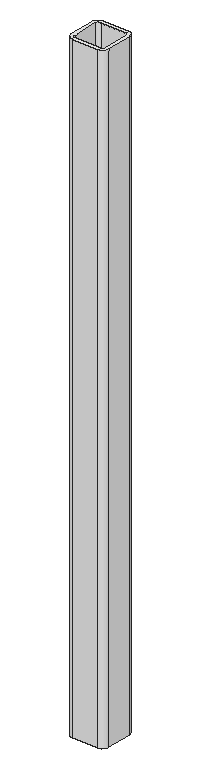
Revit family "M_HSS Quadrado-Coluna", category Pilares estruturais, Revit 2019
Family settings
  Forma do corte = HSS retangular
  Material para o comportamento do modelo = Aço
  Exportar sempre como geometria = Não
  Redução da viga na planta = Da caixa de vinculação
  Family Name Key = M_HSS Square-Column
  Nome do código = AISC 14.1
  Número OmniClass = 23.25.30.11.14.11
  Título OmniClass = Columns
  ID de item do Seek = HSS-Square-Column-0000-CAN-ENU
  Corte com vazios quando carregada = Não
  Representação simbólica = Das configurações de projeto
  Compartilhado = Não
  Exibir o pré-corte da família na vista da planta = Sim
Parameters (values of type "HSS152.4X152.4X12.7")
  Largura = 152.00 mm
  Espessura nominal da parede = 12.70 mm
  Espessura da parede do projeto = 11.80 mm
  Momento de inércia de torção = 33800000.00 mm4
  Módulo de torção = 460000.0 mm³
  Structural Material [instance] = Aço, 45-345
  Section Name Key = ""
  Área de corte = 6280.0 mm²
  Eixo fraco do módulo plástico = 324000.0 mm³
  Eixo forte do módulo plástico = 324000.0 mm³
  Concordância externa = 25.40 mm
  Peso nominal = 52.20 kgf/m
  Eixo fraco do momento de inércia = 20100000.00 mm4
  Eixo forte do momento de inércia = 20100000.00 mm4
  Concordância interna = 12.70 mm
  Altura = 152.00 mm
  Eixo fraco do módulo de elasticidade = 264000.0 mm³
  Eixo forte do módulo de elasticidade = 264000.0 mm³
  Centróide vertical = Altura / 2  # 76.00 mm
  Centróide horizontal = Largura / 2  # 76.00 mm
  Assembly Code = ""
Types (2, lengths in mm): name | Largura | Espessura nominal da parede | Espessura da parede do projeto | Momento de inércia de torção | Módulo de torção | Área de corte | Eixo fraco do módulo plástico | Eixo forte do módulo plástico | Concordância externa | Peso nominal | Eixo fraco do momento de inércia | Eixo forte do momento de inércia | Concordância interna | Altura | Eixo fraco do módulo de elasticidade | Eixo forte do módulo de elasticidade | Centróide vertical | Centróide horizontal
  HSS152.4X152.4X12.7 | 152.00 | 12.70 | 11.80 | 33800000.00 mm4 | 460000.0 mm³ | 6280.0 mm² | 324000.0 mm³ | 324000.0 mm³ | 25.40 | 52.20 kgf/m | 20100000.00 mm4 | 20100000.00 mm4 | 12.70 | 152.00 | 264000.0 mm³ | 264000.0 mm³ | 76.00 | 76.00
  HSS203.2X203.2X9.5 | 203.00 | 9.53 | 8.86 | 66600000.00 mm4 | 667000.0 mm³ | 6710.0 mm² | 482000.0 mm³ | 482000.0 mm³ | 19.06 | 56.00 kgf/m | 41600000.00 mm4 | 41600000.00 mm4 | 9.53 | 203.00 | 408000.0 mm³ | 408000.0 mm³ | 101.50 | 101.50
Reference planes
  plane 1 "Centro (Frente/Trás)": y = 0
  plane 2: z = 0
  plane 3 "Centro (Esquerda/Direita)": x = 0
  plane 4: x = -76
  plane 5: x = 76
  plane 6: y = 76
  plane 7: y = -76
  plane 8: y = 63.3
  plane 9: y = -63.3
  plane 10: x = -63.3
  plane 11: x = 63.3
Forms (mm)
  Extrusion 1, solid, material "Aço, 45-345" <- "Structural Material", detail levels medium
    sketch origin (0, 0, 0) x (1, 0, 0) y (0, 1, 0)
      loop
        line (-76, 76) -> (-76, -76) -> (76, -76) -> (76, 76) -> (-76, 76)
      loop
        line (-63.3, 63.3) -> (-63.3, -63.3) -> (63.3, -63.3) -> (63.3, 63.3) -> (-63.3, 63.3)
    from 0 to 2500
  Extrusion 2, solid, material "Aço, 45-345" <- "Structural Material", detail levels fine
    sketch origin (0, 0, 0) x (1, 0, 0) y (0, 1, 0)
      loop
        arc (-50.6, 76) -> (-68.561, 68.561) -> (-76, 50.6) r 25.4
        line (-76, 50.6) -> (-76, -50.6)
        arc (-76, -50.6) -> (-68.561, -68.561) -> (-50.6, -76) r 25.4
        line (-50.6, -76) -> (50.6, -76)
        arc (50.6, -76) -> (68.561, -68.561) -> (76, -50.6) r 25.4
        line (76, -50.6) -> (76, 50.6)
        arc (76, 50.6) -> (68.561, 68.561) -> (50.6, 76) r 25.4
        line (50.6, 76) -> (-50.6, 76)
      loop
        arc (-50.6, 63.3) -> (-59.58, 59.58) -> (-63.3, 50.6) r 12.7
        line (-63.3, 50.6) -> (-63.3, -50.6)
        arc (-63.3, -50.6) -> (-59.58, -59.58) -> (-50.6, -63.3) r 12.7
        line (-50.6, -63.3) -> (50.6, -63.3)
        arc (50.6, -63.3) -> (59.58, -59.58) -> (63.3, -50.6) r 12.7
        line (63.3, -50.6) -> (63.3, 50.6)
        arc (63.3, 50.6) -> (59.58, 59.58) -> (50.6, 63.3) r 12.7
        line (50.6, 63.3) -> (-50.6, 63.3)
    from 0 to 2500
Lines and regions (mm)
  symbolic lines, style "StructuralColumnStickSymbols", detail levels coarse
    curve 1: line (-76, 76, 0) -> (76, 76, 0)
    curve 2: line (-76, -76, 0) -> (76, -76, 0)
    curve 5: line (-76, 76, 0) -> (-76, -76, 0)
    curve 6: line (76, 76, 0) -> (76, -76, 0)
  symbolic lines, style "Faces ocultas", detail levels medium+fine
    curve 3: line (-63.3, 0, 0) -> (-63.3, 0, 2500)
    curve 4: line (63.3, 0, 2500) -> (63.3, 0, 0)
    curve 7: line (0, 63.3, 0) -> (0, 63.3, 2500)
    curve 8: line (0, -63.3, 0) -> (0, -63.3, 2500)
Dimensions and locks
  equal spacing: plane 4, plane 3 "Centro (Esquerda/Direita)", plane 5
  equal spacing: plane 7, plane 1 "Centro (Frente/Trás)", plane 6
  "Altura": plane 7 to plane 6
  "Largura": plane 4 to plane 5
  "Espessura nominal da parede": plane 6 to plane 8
  "Espessura nominal da parede": plane 4 to plane 10
  "Espessura nominal da parede": plane 11 to plane 5
  "Espessura nominal da parede": plane 9 to plane 7
  "Concordância externa": radius of Extrusion 2 sketch curve  (x4)
  "Concordância interna": radius of Extrusion 2 sketch curve  (x4)
  aligned and locked: plane 6 to Extrusion 1 sketch curve
  aligned and locked: Extrusion 1 sketch curve to plane 7
  aligned and locked: Extrusion 1 sketch curve to plane 4
  aligned and locked: plane 5 to Extrusion 1 sketch curve
  aligned and locked: level to Extrusion 1
  aligned and locked: level to plane 2
  aligned and locked: Extrusion 1 to plane 2
  aligned and locked: Extrusion 2 sketch curve to Extrusion 1
  aligned and locked: level to Extrusion 2
  aligned and locked: plane 10 to Extrusion 2 sketch curve
  aligned and locked: Extrusion 2 sketch curve to plane 4
  aligned and locked: Extrusion 2 sketch curve to plane 8
  aligned and locked: Extrusion 2 sketch curve to plane 11
  aligned and locked: plane 9 to Extrusion 2 sketch curve
  aligned and locked: Extrusion 2 sketch curve to plane 7
  aligned and locked: plane 9 to Extrusion 1 sketch curve
  aligned and locked: Extrusion 1 sketch curve to plane 11
  aligned and locked: Extrusion 1 sketch curve to plane 8
  aligned and locked: plane 10 to Extrusion 1 sketch curve
  aligned and locked: plane 5 to curve 6
  aligned and locked: plane 7 to curve 2
  aligned and locked: plane 4 to curve 5
  aligned and locked: plane 6 to curve 1
  aligned and locked: plane 6 to Extrusion 2 sketch curve
  aligned and locked: curve 7 to plane 8
  aligned and locked: curve 8 to plane 9
  aligned and locked: plane 10 to curve 3
  aligned and locked: curve 4 to plane 11
  aligned and locked: Extrusion 2 to plane 2
Automatic sketch dimensions
  curve 3 to level = 0.00 mm  (x2)
  curve 4 to level = 0.00 mm  (x2)
  curve 8 to level = 0.00 mm  (x2)
  curve 7 to level = 0.00 mm  (x2)
Types in the file's own list only (89): name | Largura | Espessura nominal da parede | Espessura da parede do projeto | Momento de inércia de torção | Módulo de torção | Chave do nome do corte | Área de corte | Eixo fraco do módulo plástico | Eixo forte do módulo plástico | Concordância externa | Peso nominal | Eixo fraco do momento de inércia | Eixo forte do momento de inércia | Concordância interna | Altura | Eixo fraco do módulo de elasticidade | Eixo forte do módulo de elasticidade | Centróide vertical | Centróide horizontal
  HSS406.4X406.4X15.9 | 406.00 mm | 15.90 mm | 14.80 mm | 903000000.00 mm4 | 74069529280.0 mm³ | HSS 16X16X5/8 | 22600.0 mm² | 3280000.0 mm³ | 3280000.0 mm³ | 31.80 mm | 189.00 kgf/m | 570000000.00 mm4 | 570000000.00 mm4 | 15.90 mm | 406.00 mm | 2800000.0 mm³ | 2800000.0 mm³ | 203.00 mm | 203.00 mm
  HSS406.4X406.4X12.7 | 406.00 mm | 12.70 mm | 11.80 mm | 737000000.00 mm4 | 60140524880.0 mm³ | HSS 16X16X1/2 | 18300.0 mm² | 2690000.0 mm³ | 2690000.0 mm³ | 25.40 mm | 153.00 kgf/m | 470000000.00 mm4 | 470000000.00 mm4 | 12.70 mm | 406.00 mm | 2310000.0 mm³ | 2310000.0 mm³ | 203.00 mm | 203.00 mm
  HSS406.4X406.4X9.5 | 406.00 mm | 9.53 mm | 8.86 mm | 562000000.00 mm4 | 45883779200.0 mm³ | HSS 16X16X3/8 | 13900.0 mm² | 2060000.0 mm³ | 2060000.0 mm³ | 19.06 mm | 117.00 kgf/m | 363000000.00 mm4 | 363000000.00 mm4 | 9.53 mm | 406.00 mm | 1790000.0 mm³ | 1790000.0 mm³ | 203.00 mm | 203.00 mm
  HSS406.4X406.4X7.9 | 406.00 mm | 7.94 mm | 7.39 mm | 475000000.00 mm4 | 38673471040.0 mm³ | HSS 16X16X5/16 | 11700.0 mm² | 1740000.0 mm³ | 1740000.0 mm³ | 15.88 mm | 97.90 kgf/m | 308000000.00 mm4 | 308000000.00 mm4 | 7.94 mm | 406.00 mm | 1510000.0 mm³ | 1510000.0 mm³ | 203.00 mm | 203.00 mm
  HSS355.6X355.6X15.9 | 356.00 mm | 15.90 mm | 14.80 mm | 595000000.00 mm4 | 55879888240.0 mm³ | HSS 14X14X5/8 | 19500.0 mm² | 2470000.0 mm³ | 2470000.0 mm³ | 31.80 mm | 164.00 kgf/m | 373000000.00 mm4 | 373000000.00 mm4 | 15.90 mm | 356.00 mm | 2100000.0 mm³ | 2100000.0 mm³ | 178.00 mm | 178.00 mm
  HSS355.6X355.6X12.7 | 356.00 mm | 12.70 mm | 11.80 mm | 487000000.00 mm4 | 45719908560.0 mm³ | HSS 14X14X1/2 | 15900.0 mm² | 2030000.0 mm³ | 2030000.0 mm³ | 25.40 mm | 133.00 kgf/m | 309000000.00 mm4 | 309000000.00 mm4 | 12.70 mm | 356.00 mm | 1740000.0 mm³ | 1740000.0 mm³ | 178.00 mm | 178.00 mm
  HSS355.6X355.6X9.5 | 356.00 mm | 9.53 mm | 8.86 mm | 375000000.00 mm4 | 34904446320.0 mm³ | HSS 14X14X3/8 | 12100.0 mm² | 1560000.0 mm³ | 1560000.0 mm³ | 19.06 mm | 102.00 kgf/m | 240000000.00 mm4 | 240000000.00 mm4 | 9.53 mm | 356.00 mm | 1350000.0 mm³ | 1350000.0 mm³ | 178.00 mm | 178.00 mm
  HSS355.6X355.6X7.9 | 356.00 mm | 7.94 mm | 7.39 mm | 316000000.00 mm4 | 29332844560.0 mm³ | HSS 14X14X5/16 | 10100.0 mm² | 1320000.0 mm³ | 1320000.0 mm³ | 15.88 mm | 85.30 kgf/m | 204000000.00 mm4 | 204000000.00 mm4 | 7.94 mm | 356.00 mm | 1150000.0 mm³ | 1150000.0 mm³ | 178.00 mm | 178.00 mm
  HSS304.8X304.8X15.9 | 305.00 mm | 15.90 mm | 14.80 mm | 368000000.00 mm4 | 40476048080.0 mm³ | HSS 12X12X5/8 | 16600.0 mm² | 1790000.0 mm³ | 1790000.0 mm³ | 31.80 mm | 139.00 kgf/m | 228000000.00 mm4 | 228000000.00 mm4 | 15.90 mm | 305.00 mm | 1500000.0 mm³ | 1500000.0 mm³ | 152.50 mm | 152.50 mm
  HSS304.8X304.8X12.7 | 305.00 mm | 12.70 mm | 11.80 mm | 303000000.00 mm4 | 33101869280.0 mm³ | HSS 12X12X1/2 | 13500.0 mm² | 1470000.0 mm³ | 1470000.0 mm³ | 25.40 mm | 113.00 kgf/m | 190000000.00 mm4 | 190000000.00 mm4 | 12.70 mm | 305.00 mm | 1250000.0 mm³ | 1250000.0 mm³ | 152.50 mm | 152.50 mm
  HSS304.8X304.8X9.5 | 305.00 mm | 9.53 mm | 8.86 mm | 234000000.00 mm4 | 25399949200.0 mm³ | HSS 12X12X3/8 | 10300.0 mm² | 1130000.0 mm³ | 1130000.0 mm³ | 19.06 mm | 86.30 kgf/m | 149000000.00 mm4 | 149000000.00 mm4 | 9.53 mm | 305.00 mm | 975000.0 mm³ | 975000.0 mm³ | 152.50 mm | 152.50 mm
  HSS304.8X304.8X7.9 | 305.00 mm | 7.94 mm | 7.39 mm | 197000000.00 mm4 | 21467053840.0 mm³ | HSS 12X12X5/16 | 8650.0 mm² | 960000.0 mm³ | 960000.0 mm³ | 15.88 mm | 72.60 kgf/m | 127000000.00 mm4 | 127000000.00 mm4 | 7.94 mm | 305.00 mm | 831000.0 mm³ | 831000.0 mm³ | 152.50 mm | 152.50 mm
  HSS304.8X304.8X6.4 | 305.00 mm | 6.35 mm | 5.92 mm | 160000000.00 mm4 | 17370287840.0 mm³ | HSS 12X12X1/4 | 6970.0 mm² | 780000.0 mm³ | 780000.0 mm³ | 12.70 mm | 58.60 kgf/m | 103000000.00 mm4 | 103000000.00 mm4 | 6.35 mm | 305.00 mm | 678000.0 mm³ | 678000.0 mm³ | 152.50 mm | 152.50 mm
  HSS304.8X304.8X4.8 | 305.00 mm | 4.76 mm | 4.42 mm | 121000000.00 mm4 | 13044102944.0 mm³ | HSS 12X12X3/16 | 5260.0 mm² | 590000.0 mm³ | 590000.0 mm³ | 9.52 mm | 44.40 kgf/m | 78700000.00 mm4 | 78700000.00 mm4 | 4.76 mm | 305.00 mm | 516000.0 mm³ | 516000.0 mm³ | 152.50 mm | 152.50 mm
  HSS254X254X15.9 | 254.00 mm | 15.90 mm | 14.80 mm | 207000000.00 mm4 | 27366396880.0 mm³ | HSS 10X10X5/8 | 13500.0 mm² | 1200000.0 mm³ | 1200000.0 mm³ | 31.80 mm | 113.00 kgf/m | 127000000.00 mm4 | 127000000.00 mm4 | 15.90 mm | 254.00 mm | 996000.0 mm³ | 996000.0 mm³ | 127.00 mm | 127.00 mm
  HSS254X254X12.7 | 254.00 mm | 12.70 mm | 11.80 mm | 171000000.00 mm4 | 22614148320.0 mm³ | HSS 10X10X1/2 | 11100.0 mm² | 995000.0 mm³ | 995000.0 mm³ | 25.40 mm | 92.70 kgf/m | 107000000.00 mm4 | 107000000.00 mm4 | 12.70 mm | 254.00 mm | 839000.0 mm³ | 839000.0 mm³ | 127.00 mm | 127.00 mm
  HSS254X254X9.5 | 254.00 mm | 9.53 mm | 8.86 mm | 133000000.00 mm4 | 17370287840.0 mm³ | HSS 10X10X3/8 | 8520.0 mm² | 773000.0 mm³ | 773000.0 mm³ | 19.06 mm | 71.20 kgf/m | 84100000.00 mm4 | 84100000.00 mm4 | 9.53 mm | 254.00 mm | 662000.0 mm³ | 662000.0 mm³ | 127.00 mm | 127.00 mm
  HSS254X254X7.9 | 254.00 mm | 7.94 mm | 7.39 mm | 113000000.00 mm4 | 14715583472.0 mm³ | HSS 10X10X5/16 | 7160.0 mm² | 657000.0 mm³ | 657000.0 mm³ | 15.88 mm | 60.00 kgf/m | 71600000.00 mm4 | 71600000.00 mm4 | 7.94 mm | 254.00 mm | 565000.0 mm³ | 565000.0 mm³ | 127.00 mm | 127.00 mm
  HSS254X254X6.4 | 254.00 mm | 6.35 mm | 5.92 mm | 91600000.00 mm4 | 11929782592.0 mm³ | HSS 10X10X1/4 | 5780.0 mm² | 536000.0 mm³ | 536000.0 mm³ | 12.70 mm | 48.50 kgf/m | 58700000.00 mm4 | 58700000.00 mm4 | 6.35 mm | 254.00 mm | 464000.0 mm³ | 464000.0 mm³ | 127.00 mm | 127.00 mm
  HSS254X254X4.8 | 254.00 mm | 4.76 mm | 4.42 mm | 69500000.00 mm4 | 9029272264.0 mm³ | HSS 10X10X3/16 | 4360.0 mm² | 406000.0 mm³ | 406000.0 mm³ | 9.52 mm | 36.80 kgf/m | 45000000.00 mm4 | 45000000.00 mm4 | 4.76 mm | 254.00 mm | 354000.0 mm³ | 354000.0 mm³ | 127.00 mm | 127.00 mm
  HSS228.6X228.6X15.9 | 229.00 mm | 15.90 mm | 14.80 mm | 148000000.00 mm4 | 21958665760.0 mm³ | HSS 9X9X5/8 | 12100.0 mm² | 952000.0 mm³ | 952000.0 mm³ | 31.80 mm | 101.00 kgf/m | 89900000.00 mm4 | 89900000.00 mm4 | 15.90 mm | 229.00 mm | 785000.0 mm³ | 785000.0 mm³ | 114.50 mm | 114.50 mm
  HSS228.6X228.6X12.7 | 229.00 mm | 12.70 mm | 11.80 mm | 123000000.00 mm4 | 18025770400.0 mm³ | HSS 9X9X1/2 | 9870.0 mm² | 793000.0 mm³ | 793000.0 mm³ | 25.40 mm | 82.60 kgf/m | 76200000.00 mm4 | 76200000.00 mm4 | 12.70 mm | 229.00 mm | 665000.0 mm³ | 665000.0 mm³ | 114.50 mm | 114.50 mm
  HSS228.6X228.6X9.5 | 229.00 mm | 9.53 mm | 8.86 mm | 96100000.00 mm4 | 13994552656.0 mm³ | HSS 9X9X3/8 | 7610.0 mm² | 619000.0 mm³ | 619000.0 mm³ | 19.06 mm | 63.60 kgf/m | 60400000.00 mm4 | 60400000.00 mm4 | 9.53 mm | 229.00 mm | 528000.0 mm³ | 528000.0 mm³ | 114.50 mm | 114.50 mm
  HSS228.6X228.6X7.9 | 229.00 mm | 7.94 mm | 7.39 mm | 81600000.00 mm4 | 11815073144.0 mm³ | HSS 9X9X5/16 | 6400.0 mm² | 526000.0 mm³ | 526000.0 mm³ | 15.88 mm | 53.60 kgf/m | 51600000.00 mm4 | 51600000.00 mm4 | 7.94 mm | 229.00 mm | 452000.0 mm³ | 452000.0 mm³ | 114.50 mm | 114.50 mm
  HSS228.6X228.6X6.4 | 229.00 mm | 6.35 mm | 5.92 mm | 66200000.00 mm4 | 9619206568.0 mm³ | HSS 9X9X1/4 | 5180.0 mm² | 429000.0 mm³ | 429000.0 mm³ | 12.70 mm | 43.40 kgf/m | 42500000.00 mm4 | 42500000.00 mm4 | 6.35 mm | 229.00 mm | 372000.0 mm³ | 372000.0 mm³ | 114.50 mm | 114.50 mm
  HSS228.6X228.6X74.8 | 229.00 mm | 4.76 mm | 4.42 mm | 50400000.00 mm4 | 7275856416.0 mm³ | HSS 9X9X3/16 | 3910.0 mm² | 328000.0 mm³ | 328000.0 mm³ | 9.52 mm | 33.00 kgf/m | 32500000.00 mm4 | 32500000.00 mm4 | 4.76 mm | 229.00 mm | 285000.0 mm³ | 285000.0 mm³ | 114.50 mm | 114.50 mm
  HSS228.6X228.6X3.2 | 229.00 mm | 3.18 mm | 2.95 mm | 34100000.00 mm4 | 4916119200.0 mm³ | HSS 9X9X1/8 | 2640.0 mm² | 223000.0 mm³ | 223000.0 mm³ | 6.36 mm | 22.30 kgf/m | 22300000.00 mm4 | 22300000.00 mm4 | 3.18 mm | 229.00 mm | 195000.0 mm³ | 195000.0 mm³ | 114.50 mm | 114.50 mm
  HSS203.2X203.2X15.9 | 203.00 mm | 15.90 mm | 14.80 mm | 102000000.00 mm4 | 17042546560.0 mm³ | HSS 8X8X5/8 | 10600.0 mm² | 733000.0 mm³ | 733000.0 mm³ | 31.80 mm | 88.00 kgf/m | 60800000.00 mm4 | 60800000.00 mm4 | 15.90 mm | 203.00 mm | 598000.0 mm³ | 598000.0 mm³ | 101.50 mm | 101.50 mm
  HSS203.2X203.2X12.7 | 203.00 mm | 12.70 mm | 11.80 mm | 84900000.00 mm4 | 14076487976.0 mm³ | HSS 8X8X1/2 | 8710.0 mm² | 615000.0 mm³ | 615000.0 mm³ | 25.40 mm | 72.50 kgf/m | 52000000.00 mm4 | 52000000.00 mm4 | 12.70 mm | 203.00 mm | 511000.0 mm³ | 511000.0 mm³ | 101.50 mm | 101.50 mm
  HSS203.2X203.2X7.9 | 203.00 mm | 7.94 mm | 7.39 mm | 56600000.00 mm4 | 9258691160.0 mm³ | HSS 8X8X5/16 | 5650.0 mm² | 411000.0 mm³ | 411000.0 mm³ | 15.88 mm | 47.30 kgf/m | 35600000.00 mm4 | 35600000.00 mm4 | 7.94 mm | 203.00 mm | 351000.0 mm³ | 351000.0 mm³ | 101.50 mm | 101.50 mm
  HSS203.2X203.2X6.4 | 203.00 mm | 6.35 mm | 5.92 mm | 46200000.00 mm4 | 7538049440.0 mm³ | HSS 8X8X1/4 | 4580.0 mm² | 336000.0 mm³ | 336000.0 mm³ | 12.70 mm | 38.40 kgf/m | 29400000.00 mm4 | 29400000.00 mm4 | 6.35 mm | 203.00 mm | 290000.0 mm³ | 290000.0 mm³ | 101.50 mm | 101.50 mm
  HSS203.2X203.2X4.8 | 203.00 mm | 4.76 mm | 4.42 mm | 35200000.00 mm4 | 5719085336.0 mm³ | HSS 8X8X3/16 | 3460.0 mm² | 257000.0 mm³ | 257000.0 mm³ | 9.52 mm | 29.20 kgf/m | 22600000.00 mm4 | 22600000.00 mm4 | 4.76 mm | 203.00 mm | 223000.0 mm³ | 223000.0 mm³ | 101.50 mm | 101.50 mm
  HSS203.2X203.2X3.2 | 203.00 mm | 3.18 mm | 2.95 mm | 23900000.00 mm4 | 3867347104.0 mm³ | HSS 8X8X1/8 | 2340.0 mm² | 175000.0 mm³ | 175000.0 mm³ | 6.36 mm | 19.70 kgf/m | 15600000.00 mm4 | 15600000.00 mm4 | 3.18 mm | 203.00 mm | 153000.0 mm³ | 153000.0 mm³ | 101.50 mm | 101.50 mm
  HSS177.8X177.8X15.9 | 178.00 mm | 15.90 mm | 14.80 mm | 65800000.00 mm4 | 12650813408.0 mm³ | HSS 7X7X5/8 | 9030.0 mm² | 542000.0 mm³ | 542000.0 mm³ | 31.80 mm | 75.30 kgf/m | 38900000.00 mm4 | 38900000.00 mm4 | 15.90 mm | 178.00 mm | 438000.0 mm³ | 438000.0 mm³ | 89.00 mm | 89.00 mm
  HSS177.8X177.8X12.7 | 178.00 mm | 12.70 mm | 11.80 mm | 55400000.00 mm4 | 10553269216.0 mm³ | HSS 7X7X1/2 | 7480.0 mm² | 457000.0 mm³ | 457000.0 mm³ | 25.40 mm | 62.40 kgf/m | 33500000.00 mm4 | 33500000.00 mm4 | 12.70 mm | 178.00 mm | 377000.0 mm³ | 377000.0 mm³ | 89.00 mm | 89.00 mm
  HSS177.8X177.8X9.5 | 178.00 mm | 9.53 mm | 8.86 mm | 43700000.00 mm4 | 8242693192.0 mm³ | HSS 7X7X3/8 | 5790.0 mm² | 362000.0 mm³ | 362000.0 mm³ | 19.06 mm | 48.40 kgf/m | 27100000.00 mm4 | 27100000.00 mm4 | 9.53 mm | 178.00 mm | 305000.0 mm³ | 305000.0 mm³ | 89.00 mm | 89.00 mm
  HSS177.8X177.8X7.9 | 178.00 mm | 7.94 mm | 7.39 mm | 37300000.00 mm4 | 7013663392.0 mm³ | HSS 7X7X5/16 | 4900.0 mm² | 310000.0 mm³ | 310000.0 mm³ | 15.88 mm | 41.00 kgf/m | 23400000.00 mm4 | 23400000.00 mm4 | 7.94 mm | 178.00 mm | 262000.0 mm³ | 262000.0 mm³ | 89.00 mm | 89.00 mm
  HSS177.8X177.8X6.4 | 178.00 mm | 6.35 mm | 5.92 mm | 30600000.00 mm4 | 5719085336.0 mm³ | HSS 7X7X1/4 | 3980.0 mm² | 254000.0 mm³ | 254000.0 mm³ | 12.70 mm | 33.30 kgf/m | 19400000.00 mm4 | 19400000.00 mm4 | 6.35 mm | 178.00 mm | 218000.0 mm³ | 218000.0 mm³ | 89.00 mm | 89.00 mm
  HSS177.8X177.8X4.8 | 178.00 mm | 4.76 mm | 4.42 mm | 23400000.00 mm4 | 4342571960.0 mm³ | HSS 7X7X3/16 | 3010.0 mm² | 195000.0 mm³ | 195000.0 mm³ | 9.52 mm | 25.40 kgf/m | 15000000.00 mm4 | 15000000.00 mm4 | 4.76 mm | 178.00 mm | 169000.0 mm³ | 169000.0 mm³ | 89.00 mm | 89.00 mm
  HSS177.8X177.8X3.2 | 178.00 mm | 3.18 mm | 2.95 mm | 15900000.00 mm4 | 2949671520.0 mm³ | HSS 7X7X1/8 | 2040.0 mm² | 133000.0 mm³ | 133000.0 mm³ | 6.36 mm | 17.20 kgf/m | 10300000.00 mm4 | 10300000.00 mm4 | 3.18 mm | 178.00 mm | 116000.0 mm³ | 116000.0 mm³ | 89.00 mm | 89.00 mm
  HSS152.4X152.4X15.9 | 152.00 mm | 15.90 mm | 14.80 mm | 39500000.00 mm4 | 8963724008.0 mm³ | HSS 6X6X5/8 | 7550.0 mm² | 380000.0 mm³ | 380000.0 mm³ | 31.80 mm | 62.60 kgf/m | 23000000.00 mm4 | 23000000.00 mm4 | 15.90 mm | 152.00 mm | 302000.0 mm³ | 302000.0 mm³ | 76.00 mm | 76.00 mm
  HSS152.4X152.4X9.5 | 152.00 mm | 9.53 mm | 8.86 mm | 26900000.00 mm4 | 5932117168.0 mm³ | HSS 6X6X3/8 | 4890.0 mm² | 259000.0 mm³ | 259000.0 mm³ | 19.06 mm | 40.80 kgf/m | 16400000.00 mm4 | 16400000.00 mm4 | 9.53 mm | 152.00 mm | 216000.0 mm³ | 216000.0 mm³ | 76.00 mm | 76.00 mm
  HSS152.4X152.4X7.9 | 152.00 mm | 7.94 mm | 7.39 mm | 23100000.00 mm4 | 5079989840.0 mm³ | HSS 6X6X5/16 | 4150.0 mm² | 223000.0 mm³ | 223000.0 mm³ | 15.88 mm | 34.60 kgf/m | 14300000.00 mm4 | 14300000.00 mm4 | 7.94 mm | 152.00 mm | 187000.0 mm³ | 187000.0 mm³ | 76.00 mm | 76.00 mm
  HSS152.4X152.4X6.4 | 152.00 mm | 6.35 mm | 5.92 mm | 19000000.00 mm4 | 4129540128.0 mm³ | HSS 6X6X1/4 | 3380.0 mm² | 184000.0 mm³ | 184000.0 mm³ | 12.70 mm | 28.30 kgf/m | 11900000.00 mm4 | 11900000.00 mm4 | 6.35 mm | 152.00 mm | 156000.0 mm³ | 156000.0 mm³ | 76.00 mm | 76.00 mm
  HSS152.4X152.4X4.8 | 152.00 mm | 4.76 mm | 4.42 mm | 14600000.00 mm4 | 3162703352.0 mm³ | HSS 6X6X3/16 | 2570.0 mm² | 141000.0 mm³ | 141000.0 mm³ | 9.52 mm | 21.60 kgf/m | 9280000.00 mm4 | 9280000.00 mm4 | 4.76 mm | 152.00 mm | 122000.0 mm³ | 122000.0 mm³ | 76.00 mm | 76.00 mm
  HSS152.4X152.4X3.2 | 152.00 mm | 3.18 mm | 2.95 mm | 9950000.00 mm4 | 2163092448.0 mm³ | HSS 6X6X1/8 | 1740.0 mm² | 97000.0 mm³ | 97000.0 mm³ | 6.36 mm | 14.70 kgf/m | 6450000.00 mm4 | 6450000.00 mm4 | 3.18 mm | 152.00 mm | 84400.0 mm³ | 84400.0 mm³ | 76.00 mm | 76.00 mm
  HSS139.7X139.7X9.5 | 140.00 mm | 9.53 mm | 8.86 mm | 20400000.00 mm4 | 4948893328.0 mm³ | HSS 5 1/2X5 1/2X3/8 | 4440.0 mm² | 215000.0 mm³ | 215000.0 mm³ | 19.06 mm | 37.00 kgf/m | 12400000.00 mm4 | 12400000.00 mm4 | 9.53 mm | 140.00 mm | 177000.0 mm³ | 177000.0 mm³ | 70.00 mm | 70.00 mm
  HSS139.7X139.7X7.9 | 140.00 mm | 7.94 mm | 7.39 mm | 17600000.00 mm4 | 4211475448.0 mm³ | HSS 5 1/2X5 1/2X5/16 | 3770.0 mm² | 185000.0 mm³ | 185000.0 mm³ | 15.88 mm | 31.50 kgf/m | 10800000.00 mm4 | 10800000.00 mm4 | 7.94 mm | 140.00 mm | 155000.0 mm³ | 155000.0 mm³ | 70.00 mm | 70.00 mm
  HSS139.7X139.7X6.4 | 140.00 mm | 6.35 mm | 5.92 mm | 14500000.00 mm4 | 3457670504.0 mm³ | HSS 5 1/2X5 1/2X1/4 | 3080.0 mm² | 153000.0 mm³ | 153000.0 mm³ | 12.70 mm | 25.70 kgf/m | 9030000.00 mm4 | 9030000.00 mm4 | 6.35 mm | 140.00 mm | 129000.0 mm³ | 129000.0 mm³ | 70.00 mm | 70.00 mm
  HSS139.7X139.7X4.8 | 140.00 mm | 4.76 mm | 4.42 mm | 11100000.00 mm4 | 2638317304.0 mm³ | HSS 5 1/2X5 1/2X3/16 | 2340.0 mm² | 118000.0 mm³ | 118000.0 mm³ | 9.52 mm | 19.70 kgf/m | 7080000.00 mm4 | 7080000.00 mm4 | 4.76 mm | 140.00 mm | 101000.0 mm³ | 101000.0 mm³ | 70.00 mm | 70.00 mm
  HSS139.7X139.7X3.2 | 140.00 mm | 3.18 mm | 2.95 mm | 7620000.00 mm4 | 1802577040.0 mm³ | HSS 5 1/2X5 1/2X1/8 | 1590.0 mm² | 81100.0 mm³ | 81100.0 mm³ | 6.36 mm | 13.40 kgf/m | 4910000.00 mm4 | 4910000.00 mm4 | 3.18 mm | 140.00 mm | 70500.0 mm³ | 70500.0 mm³ | 70.00 mm | 70.00 mm
  HSS127X127X12.7 | 127.00 mm | 12.70 mm | 11.80 mm | 18600000.00 mm4 | 5014441584.0 mm³ | HSS 5X5X1/2 | 5080.0 mm² | 215000.0 mm³ | 215000.0 mm³ | 25.40 mm | 42.10 kgf/m | 10800000.00 mm4 | 10800000.00 mm4 | 12.70 mm | 127.00 mm | 170000.0 mm³ | 170000.0 mm³ | 63.50 mm | 63.50 mm
  HSS127X127X9.5 | 127.00 mm | 9.53 mm | 8.86 mm | 15000000.00 mm4 | 3998443616.0 mm³ | HSS 5X5X3/8 | 3990.0 mm² | 174000.0 mm³ | 174000.0 mm³ | 19.06 mm | 33.20 kgf/m | 9030000.00 mm4 | 9030000.00 mm4 | 9.53 mm | 127.00 mm | 142000.0 mm³ | 142000.0 mm³ | 63.50 mm | 63.50 mm
  HSS127X127X7.9 | 127.00 mm | 7.94 mm | 7.39 mm | 13000000.00 mm4 | 3441283440.0 mm³ | HSS 5X5X5/16 | 3390.0 mm² | 150000.0 mm³ | 150000.0 mm³ | 15.88 mm | 28.30 kgf/m | 7910000.00 mm4 | 7910000.00 mm4 | 7.94 mm | 127.00 mm | 125000.0 mm³ | 125000.0 mm³ | 63.50 mm | 63.50 mm
  HSS127X127X6.4 | 127.00 mm | 6.35 mm | 5.92 mm | 10700000.00 mm4 | 2818575008.0 mm³ | HSS 5X5X1/4 | 2770.0 mm² | 125000.0 mm³ | 125000.0 mm³ | 12.70 mm | 23.20 kgf/m | 6660000.00 mm4 | 6660000.00 mm4 | 6.35 mm | 127.00 mm | 105000.0 mm³ | 105000.0 mm³ | 63.50 mm | 63.50 mm
  HSS127X127X4.8 | 127.00 mm | 4.76 mm | 4.42 mm | 8280000.00 mm4 | 2163092448.0 mm³ | HSS 5X5X3/16 | 2120.0 mm² | 96500.0 mm³ | 96500.0 mm³ | 9.52 mm | 17.80 kgf/m | 5240000.00 mm4 | 5240000.00 mm4 | 4.76 mm | 127.00 mm | 82400.0 mm³ | 82400.0 mm³ | 63.50 mm | 63.50 mm
  HSS127X127X3.2 | 127.00 mm | 3.18 mm | 2.95 mm | 5700000.00 mm4 | 1484667998.4 mm³ | HSS 5X5X1/8 | 1440.0 mm² | 66700.0 mm³ | 66700.0 mm³ | 6.36 mm | 12.10 kgf/m | 3660000.00 mm4 | 3660000.00 mm4 | 3.18 mm | 127.00 mm | 57700.0 mm³ | 57700.0 mm³ | 63.50 mm | 63.50 mm
  HSS114.3X114.3X12.7 | 114.00 mm | 12.70 mm | 11.80 mm | 13000000.00 mm4 | 3982056552.0 mm³ | HSS 4 1/2X4 1/2X1/2 | 4480.0 mm² | 167000.0 mm³ | 167000.0 mm³ | 25.40 mm | 37.10 kgf/m | 7530000.00 mm4 | 7530000.00 mm4 | 12.70 mm | 114.00 mm | 132000.0 mm³ | 132000.0 mm³ | 57.00 mm | 57.00 mm
  HSS114.3X114.3X9.5 | 114.00 mm | 9.53 mm | 8.86 mm | 10700000.00 mm4 | 3195477480.0 mm³ | HSS 4 1/2X4 1/2X3/8 | 3540.0 mm² | 137000.0 mm³ | 137000.0 mm³ | 19.06 mm | 29.40 kgf/m | 6370000.00 mm4 | 6370000.00 mm4 | 9.53 mm | 114.00 mm | 111000.0 mm³ | 111000.0 mm³ | 57.00 mm | 57.00 mm
  HSS114.3X114.3X7.9 | 114.00 mm | 7.94 mm | 7.39 mm | 9280000.00 mm4 | 2736639688.0 mm³ | HSS 4 1/2X4 1/2X5/16 | 3020.0 mm² | 119000.0 mm³ | 119000.0 mm³ | 15.88 mm | 25.20 kgf/m | 5620000.00 mm4 | 5620000.00 mm4 | 7.94 mm | 114.00 mm | 98300.0 mm³ | 98300.0 mm³ | 57.00 mm | 57.00 mm
  HSS114.3X114.3X6.4 | 114.00 mm | 6.35 mm | 5.92 mm | 7700000.00 mm4 | 2261414832.0 mm³ | HSS 4 1/2X4 1/2X1/4 | 2480.0 mm² | 99300.0 mm³ | 99300.0 mm³ | 12.70 mm | 20.70 kgf/m | 4750000.00 mm4 | 4750000.00 mm4 | 6.35 mm | 114.00 mm | 83200.0 mm³ | 83200.0 mm³ | 57.00 mm | 57.00 mm
  HSS114.3X114.3X4.8 | 114.00 mm | 4.76 mm | 4.42 mm | 5990000.00 mm4 | 1737028784.0 mm³ | HSS 4 1/2X4 1/2X3/16 | 1890.0 mm² | 77200.0 mm³ | 77200.0 mm³ | 9.52 mm | 15.90 kgf/m | 3750000.00 mm4 | 3750000.00 mm4 | 4.76 mm | 114.00 mm | 65700.0 mm³ | 65700.0 mm³ | 57.00 mm | 57.00 mm
  HSS114.3X114.3X3.2 | 114.00 mm | 3.18 mm | 2.95 mm | 4130000.00 mm4 | 1194616965.6 mm³ | HSS 4 1/2X4 1/2X1/8 | 1290.0 mm² | 53600.0 mm³ | 53600.0 mm³ | 6.36 mm | 10.90 kgf/m | 2640000.00 mm4 | 2640000.00 mm4 | 3.18 mm | 114.00 mm | 46200.0 mm³ | 46200.0 mm³ | 57.00 mm | 57.00 mm
  HSS101.6X101.6X12.7 | 102.00 mm | 12.70 mm | 11.80 mm | 8740000.00 mm4 | 3015219776.0 mm³ | HSS 4X4X1/2 | 3880.0 mm² | 126000.0 mm³ | 126000.0 mm³ | 25.40 mm | 32.00 kgf/m | 4950000.00 mm4 | 4950000.00 mm4 | 12.70 mm | 102.00 mm | 97800.0 mm³ | 97800.0 mm³ | 51.00 mm | 51.00 mm
  HSS101.6X101.6X9.5 | 102.00 mm | 9.53 mm | 8.86 mm | 7280000.00 mm4 | 2458059600.0 mm³ | HSS 4X4X3/8 | 3080.0 mm² | 105000.0 mm³ | 105000.0 mm³ | 19.06 mm | 25.60 kgf/m | 4290000.00 mm4 | 4290000.00 mm4 | 9.53 mm | 102.00 mm | 84100.0 mm³ | 84100.0 mm³ | 51.00 mm | 51.00 mm
  HSS101.6X101.6X7.9 | 102.00 mm | 7.94 mm | 7.39 mm | 6370000.00 mm4 | 2130318320.0 mm³ | HSS 4X4X5/16 | 2650.0 mm² | 91600.0 mm³ | 91600.0 mm³ | 15.88 mm | 22.00 kgf/m | 3800000.00 mm4 | 3800000.00 mm4 | 7.94 mm | 102.00 mm | 74900.0 mm³ | 74900.0 mm³ | 51.00 mm | 51.00 mm
  HSS101.6X101.6X6.4 | 102.00 mm | 6.35 mm | 5.92 mm | 5330000.00 mm4 | 1753415848.0 mm³ | HSS 4X4X1/4 | 2170.0 mm² | 76900.0 mm³ | 76900.0 mm³ | 12.70 mm | 18.10 kgf/m | 3250000.00 mm4 | 3250000.00 mm4 | 6.35 mm | 102.00 mm | 63900.0 mm³ | 63900.0 mm³ | 51.00 mm | 51.00 mm
  HSS101.6X101.6X4.8 | 102.00 mm | 4.76 mm | 4.42 mm | 4160000.00 mm4 | 1361765018.4 mm³ | HSS 4X4X3/16 | 1660.0 mm² | 60100.0 mm³ | 60100.0 mm³ | 9.52 mm | 14.00 kgf/m | 2580000.00 mm4 | 2580000.00 mm4 | 4.76 mm | 102.00 mm | 50800.0 mm³ | 50800.0 mm³ | 51.00 mm | 51.00 mm
  HSS101.6X101.6X3.2 | 102.00 mm | 3.18 mm | 2.95 mm | 2880000.00 mm4 | 937340060.8 mm³ | HSS 4X4X1/8 | 1140.0 mm² | 42000.0 mm³ | 42000.0 mm³ | 6.36 mm | 9.59 kgf/m | 1830000.00 mm4 | 1830000.00 mm4 | 3.18 mm | 102.00 mm | 36100.0 mm³ | 36100.0 mm³ | 51.00 mm | 51.00 mm
  HSS88.9X88.9X9.5 | 88.90 mm | 9.53 mm | 8.86 mm | 4660000.00 mm4 | 1818964104.0 mm³ | HSS 3 1/2X3 1/2X3/8 | 2640.0 mm² | 76900.0 mm³ | 76900.0 mm³ | 19.06 mm | 21.80 kgf/m | 2700000.00 mm4 | 2700000.00 mm4 | 9.53 mm | 88.90 mm | 60800.0 mm³ | 60800.0 mm³ | 44.45 mm | 44.45 mm
  HSS88.9X88.9X7.9 | 88.90 mm | 7.94 mm | 7.39 mm | 4120000.00 mm4 | 1584629088.8 mm³ | HSS 3 1/2X3 1/2X5/16 | 2270.0 mm² | 67800.0 mm³ | 67800.0 mm³ | 15.88 mm | 18.80 kgf/m | 2430000.00 mm4 | 2430000.00 mm4 | 7.94 mm | 88.90 mm | 54700.0 mm³ | 54700.0 mm³ | 44.45 mm | 44.45 mm
  HSS88.9X88.9X6.4 | 88.90 mm | 6.35 mm | 5.92 mm | 3480000.00 mm4 | 1320797358.4 mm³ | HSS 3 1/2X3 1/2X1/4 | 1880.0 mm² | 57400.0 mm³ | 57400.0 mm³ | 12.70 mm | 15.60 kgf/m | 2100000.00 mm4 | 2100000.00 mm4 | 6.35 mm | 88.90 mm | 47200.0 mm³ | 47200.0 mm³ | 44.45 mm | 44.45 mm
  HSS88.9X88.9X4.8 | 88.90 mm | 4.76 mm | 4.42 mm | 2730000.00 mm4 | 1029107619.2 mm³ | HSS 3 1/2X3 1/2X3/16 | 1450.0 mm² | 45200.0 mm³ | 45200.0 mm³ | 9.52 mm | 12.10 kgf/m | 1690000.00 mm4 | 1690000.00 mm4 | 4.76 mm | 88.90 mm | 37900.0 mm³ | 37900.0 mm³ | 44.45 mm | 44.45 mm
  HSS88.9X88.9X3.2 | 88.90 mm | 3.18 mm | 2.95 mm | 1910000.00 mm4 | 711198577.6 mm³ | HSS 3 1/2X3 1/2X1/8 | 994.0 mm² | 31600.0 mm³ | 31600.0 mm³ | 6.36 mm | 8.33 kgf/m | 1210000.00 mm4 | 1210000.00 mm4 | 3.18 mm | 88.90 mm | 27200.0 mm³ | 27200.0 mm³ | 44.45 mm | 44.45 mm
  HSS76.2X76.2X9.5 | 76.20 mm | 9.53 mm | 8.86 mm | 2760000.00 mm4 | 1273274872.8 mm³ | HSS 3X3X3/8 | 2190.0 mm² | 53300.0 mm³ | 53300.0 mm³ | 19.06 mm | 18.00 kgf/m | 1570000.00 mm4 | 1570000.00 mm4 | 9.53 mm | 76.20 mm | 41300.0 mm³ | 41300.0 mm³ | 38.10 mm | 38.10 mm
  HSS76.2X76.2X7.9 | 76.20 mm | 7.94 mm | 7.39 mm | 2470000.00 mm4 | 1122513884.0 mm³ | HSS 3X3X5/16 | 1900.0 mm² | 47500.0 mm³ | 47500.0 mm³ | 15.88 mm | 15.70 kgf/m | 1440000.00 mm4 | 1440000.00 mm4 | 7.94 mm | 76.20 mm | 37700.0 mm³ | 37700.0 mm³ | 38.10 mm | 38.10 mm
  HSS76.2X76.2X6.4 | 76.20 mm | 6.35 mm | 5.92 mm | 2110000.00 mm4 | 945533592.8 mm³ | HSS 3X3X1/4 | 1570.0 mm² | 40600.0 mm³ | 40600.0 mm³ | 12.70 mm | 13.10 kgf/m | 1260000.00 mm4 | 1260000.00 mm4 | 6.35 mm | 76.20 mm | 32900.0 mm³ | 32900.0 mm³ | 38.10 mm | 38.10 mm
  HSS76.2X76.2X4.8 | 76.20 mm | 4.76 mm | 4.42 mm | 1680000.00 mm4 | 740695292.8 mm³ | HSS 3X3X3/16 | 1220.0 mm² | 32300.0 mm³ | 32300.0 mm³ | 9.52 mm | 10.20 kgf/m | 1020000.00 mm4 | 1020000.00 mm4 | 4.76 mm | 76.20 mm | 26900.0 mm³ | 26900.0 mm³ | 38.10 mm | 38.10 mm
  HSS76.2X76.2X3.2 | 76.20 mm | 3.18 mm | 2.95 mm | 1180000.00 mm4 | 516192516.0 mm³ | HSS 3X3X1/8 | 839.0 mm² | 22900.0 mm³ | 22900.0 mm³ | 6.36 mm | 7.06 kgf/m | 741000.00 mm4 | 741000.00 mm4 | 3.18 mm | 76.20 mm | 19500.0 mm³ | 19500.0 mm³ | 38.10 mm | 38.10 mm
  HSS63.5X63.5X7.9 | 63.50 mm | 7.94 mm | 7.39 mm | 1330000.00 mm4 | 735779173.6 mm³ | HSS 2 1/2X2 1/2X5/16 | 1520.0 mm² | 30800.0 mm³ | 30800.0 mm³ | 15.88 mm | 12.50 kgf/m | 758000.00 mm4 | 758000.00 mm4 | 7.94 mm | 63.50 mm | 23900.0 mm³ | 23900.0 mm³ | 31.75 mm | 31.75 mm
  HSS63.5X63.5X6.4 | 63.50 mm | 6.35 mm | 5.92 mm | 1160000.00 mm4 | 630901964.0 mm³ | HSS 2 1/2X2 1/2X1/4 | 1270.0 mm² | 26700.0 mm³ | 26700.0 mm³ | 12.70 mm | 10.50 kgf/m | 678000.00 mm4 | 678000.00 mm4 | 6.35 mm | 63.50 mm | 21300.0 mm³ | 21300.0 mm³ | 31.75 mm | 31.75 mm
  HSS63.5X63.5X4.8 | 63.50 mm | 4.76 mm | 4.42 mm | 937000.00 mm4 | 499805452.0 mm³ | HSS 2 1/2X2 1/2X3/16 | 994.0 mm² | 21600.0 mm³ | 21600.0 mm³ | 9.52 mm | 8.30 kgf/m | 562000.00 mm4 | 562000.00 mm4 | 4.76 mm | 63.50 mm | 17700.0 mm³ | 17700.0 mm³ | 31.75 mm | 31.75 mm
  HSS63.5X63.5X3.2 | 63.50 mm | 3.18 mm | 2.95 mm | 670000.00 mm4 | 352321876.0 mm³ | HSS 2 1/2X2 1/2X1/8 | 690.0 mm² | 15500.0 mm³ | 15500.0 mm³ | 6.36 mm | 5.80 kgf/m | 415000.00 mm4 | 415000.00 mm4 | 3.18 mm | 63.50 mm | 13100.0 mm³ | 13100.0 mm³ | 31.75 mm | 31.75 mm
  HSS57.2X57.2X6.4 | 57.20 mm | 6.35 mm | 5.92 mm | 816000.00 mm4 | 496528039.2 mm³ | HSS 2 1/4X2 1/4X1/4 | 1120.0 mm² | 21000.0 mm³ | 21000.0 mm³ | 12.70 mm | 9.26 kgf/m | 470000.00 mm4 | 470000.00 mm4 | 6.35 mm | 57.20 mm | 16600.0 mm³ | 16600.0 mm³ | 28.60 mm | 28.60 mm
  HSS57.2X57.2X4.8 | 57.20 mm | 4.76 mm | 4.42 mm | 666000.00 mm4 | 398205655.2 mm³ | HSS 2 1/4X2 1/4X3/16 | 884.0 mm² | 17000.0 mm³ | 17000.0 mm³ | 9.52 mm | 7.35 kgf/m | 397000.00 mm4 | 397000.00 mm4 | 4.76 mm | 57.20 mm | 13900.0 mm³ | 13900.0 mm³ | 28.60 mm | 28.60 mm
  HSS57.2X57.2X3.2 | 57.20 mm | 3.18 mm | 2.95 mm | 479000.00 mm4 | 281857500.8 mm³ | HSS 2 1/4X2 1/4X1/8 | 617.0 mm² | 12400.0 mm³ | 12400.0 mm³ | 6.36 mm | 5.16 kgf/m | 296000.00 mm4 | 296000.00 mm4 | 3.18 mm | 57.20 mm | 10400.0 mm³ | 10400.0 mm³ | 28.60 mm | 28.60 mm
  HSS50.8X50.8X6.4 | 50.80 mm | 6.35 mm | 5.92 mm | 545000.00 mm4 | 378541178.4 mm³ | HSS 2X2X1/4 | 974.0 mm² | 15800.0 mm³ | 15800.0 mm³ | 12.70 mm | 8.00 kgf/m | 311000.00 mm4 | 311000.00 mm4 | 6.35 mm | 50.80 mm | 12200.0 mm³ | 12200.0 mm³ | 25.40 mm | 25.40 mm
  HSS50.8X50.8X4.8 | 50.80 mm | 4.76 mm | 4.42 mm | 454000.00 mm4 | 306438096.8 mm³ | HSS 2X2X3/16 | 768.0 mm² | 13100.0 mm³ | 13100.0 mm³ | 9.52 mm | 6.40 kgf/m | 267000.00 mm4 | 267000.00 mm4 | 4.76 mm | 50.80 mm | 10500.0 mm³ | 10500.0 mm³ | 25.40 mm | 25.40 mm
  HSS50.8X50.8X3.2 | 50.80 mm | 3.18 mm | 2.95 mm | 331000.00 mm4 | 219586657.6 mm³ | HSS 2X2X1/8 | 542.0 mm² | 9570.0 mm³ | 9570.0 mm³ | 6.36 mm | 4.53 kgf/m | 202000.00 mm4 | 202000.00 mm4 | 3.18 mm | 50.80 mm | 7960.0 mm³ | 7960.0 mm³ | 25.40 mm | 25.40 mm
